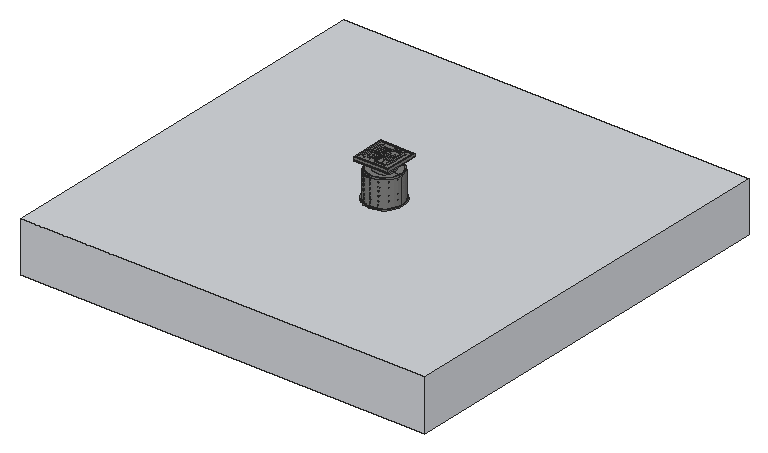
Revit family
Parameters (values of type "3"")
  URL = "WWW.MIFAB.COM"
  Top Assembly Adjustment = 3.06798"
  Roof Drain Material = Roof Drain
  Nominal Radius = Nominal Diameter / 2  # 1.500"
  Nominal Diameter = 3.000"
  Model = "R1100-PJ"
  Manufacturer = "MIFAB"
  Description = "PROMENADE DECK DRAIN WITH S.S. BALLAST GUARD"
  Default Elevation = 48.000"
  Body Height = 3.375"
Types (6): name | Nominal Radius | Nominal Diameter | Body Height
  (no name) | 1.500" | 3.000" | 3.375"
  2" | 1.000" | 2.000" | 3.375"
  3" | 1.500" | 3.000" | 3.375"
  4" | 2.000" | 4.000" | 3.375"
  5" | 2.500" | 5.000" | 3.375"
  6" | 3.000" | 6.000" | 4.475"
Reference planes (in)
  plane 1 "Center (Front/Back)": y = 0
  plane 2: z = 0
  plane 3 "Center (Left/Right)": x = 0
  plane 4: x = -1.5
  plane 5: x = 1.5
  plane 6: z = -3.375
  plane 7: z = 6.2
  plane 8: z = 8.45698
  plane 9: z = 8.56224
  plane 10: y = 4
  plane 11: y = -4
  plane 12: x = -4
  plane 13: x = 4
  plane 14: y = 3.726
  plane 15: y = -3.726
  plane 16: x = -3.726
  plane 17: x = 3.726
  plane 18: z = 9.26798
  plane 19: z = 8.68898
  plane 20: z = 7.37277
Forms (in)
  Extrusion 1, solid
    sketch origin (0, 0, 0) x (1, 0, 0) y (0, 1, 0)
      loop
        line (-48, 48) -> (-48, -48) -> (48, -48) -> (48, 48) -> (-48, 48)
    from 0 to -12
  Revolve 2, solid, material "Roof Drain" <- "Roof Drain Material"
    sketch origin (0, 0, 0) x (1, 0, 0) y (0, 0, 1)
      loop
        line (-3.16809, -0.26316) -> (-3.16809, -1.33143) -> (-1.68947, -2.33632) -> (-1.68947, -3.375) -> (-1.5, -3.375) -> (-1.5, -2.19054) -> (-3.03125, -1.17169) -> (-3.03125, -0.26316) -> (-2.34737, -0.26316) -> (-2.23158, -0.14737) -> (-2.23158, -0.11579) -> (-2.34737, 0) -> (-4.21053, 0) -> (-4.21053, -0.26316) -> (-3.16809, -0.26316)
      axis (0, 0) -> (0, -3.375)
    angle from 0 to 360
  Revolve 3, solid, material "Roof Drain" <- "Roof Drain Material"
    sketch origin (0, 0, 0) x (1, 0, 0) y (0, 0, 1)
      loop
        line (-4.48684, 0.22105) -> (-4.48684, 0) -> (-3.06579, 0) -> (-3.06579, 0.43158) -> (-3.27632, 0.43158) -> (-3.27632, 0.22105) -> (-3.75, 0.22105) -> (-3.75, 0.50526) -> (-3.96053, 0.50526) -> (-3.96053, 0.22105) -> (-4.48684, 0.22105)
      axis (0, 0.50526) -> (0, 0)
    angle from 0 to 360
  Revolve 4, solid, material "Roof Drain" <- "Roof Drain Material"
    sketch origin (0, 0, 0) x (1, 0, 0) y (0, 0, 1)
      loop
        line (-4, 0.22105) -> (-4, 6.2) -> (-4.125, 6.2) -> (-4.125, 0.22105) -> (-4, 0.22105)
      axis (0, 6.2) -> (0, 0.22105)
    angle from 0 to 360
  Revolve 5, solid, material "Roof Drain" <- "Roof Drain Material"
    sketch origin (0, 0, 0) x (1, 0, 0) y (0, 0, 1)
      loop
        line (-3.96053, 6.52895) -> (-3.96053, 6.2) -> (-2.17895, 6.2) -> (-2.17895, 7.48812) -> (-3.18947, 8.45698) -> (-3.47821, 8.45698) -> (-2.34737, 7.37277) -> (-2.34737, 6.45) -> (-3.77105, 6.45) -> (-3.77105, 6.52895) -> (-3.96053, 6.52895)
      axis (0, 8.45698) -> (0, 6.2)
    angle from 0 to 360
  Extrusion 6, solid, material "Roof Drain" <- "Roof Drain Material"
    sketch origin (0, 0, 0) x (1, 0, 0) y (0, 1, 0)
      loop
        line (-4, 4) -> (-4, -4) -> (4, -4) -> (4, 4) -> (-4, 4)
      loop
        circle (0, 0) r 3.18947
    from 8.45698 to 8.56224
  Extrusion 7, solid, material "Roof Drain" <- "Roof Drain Material"
    sketch origin (0, 0, 0) x (1, 0, 0) y (0, 1, 0)
      loop
        line (-3.726, 3.726) -> (-3.726, -3.726) -> (3.726, -3.726) -> (3.726, 3.726) -> (-3.726, 3.726)
      loop
        line (-4, 4) -> (-4, -4) -> (4, -4) -> (4, 4) -> (-4, 4)
    from 8.45698 to 9.26798
  Extrusion 8, solid, material "Roof Drain" <- "Roof Drain Material"
    sketch origin (0, 0, 0) x (1, 0, 0) y (0, 1, 0)
      loop
        line (-3.726, 3.726) -> (-3.726, -3.726) -> (3.726, -3.726) -> (3.726, 3.726) -> (-3.726, 3.726)
      loop
        line (3.189, 3.189) -> (-3.189, 3.189) -> (-3.189, -3.189) -> (3.189, -3.189) -> (3.189, 3.189)
    from 8.56224 to 8.68898
  Extrusion 9, void
    sketch origin (0, 0, 0) x (-0.222521, 0.974928, 0) y (0, 0, 1)
      loop
        circle (0, 5.87669) r 0.21654
      loop
        circle (0, 4.87669) r 0.21654
      loop
        circle (0, 3.87669) r 0.21654
      loop
        circle (0, 2.87669) r 0.21654
      loop
        circle (0, 1.87669) r 0.21654
      loop
        circle (0, 0.87669) r 0.21654
    from -4.44157 to 4.48663
  Extrusion 10, void
    sketch origin (0, 0, 0) x (-0.62349, 0.781831, 0) y (0, 0, 1)
      loop
        circle (0, 5.87669) r 0.21654
      loop
        circle (0, 4.87669) r 0.21654
      loop
        circle (0, 3.87669) r 0.21654
      loop
        circle (0, 2.87669) r 0.21654
      loop
        circle (0, 1.87669) r 0.21654
      loop
        circle (0, 0.87669) r 0.21654
    from -4.44157 to 4.48663
  Extrusion 11, void
    sketch origin (0, 0, 0) x (-0.900969, 0.433884, 0) y (0, 0, 1)
      loop
        circle (0, 5.87669) r 0.21654
      loop
        circle (0, 4.87669) r 0.21654
      loop
        circle (0, 3.87669) r 0.21654
      loop
        circle (0, 2.87669) r 0.21654
      loop
        circle (0, 1.87669) r 0.21654
      loop
        circle (0, 0.87669) r 0.21654
    from -4.44157 to 4.48663
  Extrusion 12, void
    sketch origin (0, 0, 0) x (-1, 0, 0) y (0, 0, 1)
      loop
        circle (0, 5.87669) r 0.21654
      loop
        circle (0, 4.87669) r 0.21654
      loop
        circle (0, 3.87669) r 0.21654
      loop
        circle (0, 2.87669) r 0.21654
      loop
        circle (0, 1.87669) r 0.21654
      loop
        circle (0, 0.87669) r 0.21654
    from -4.44157 to 4.48663
  Extrusion 13, void
    sketch origin (0, 0, 0) x (-0.900969, -0.433884, 0) y (0, 0, 1)
      loop
        circle (0, 5.87669) r 0.21654
      loop
        circle (0, 4.87669) r 0.21654
      loop
        circle (0, 3.87669) r 0.21654
      loop
        circle (0, 2.87669) r 0.21654
      loop
        circle (0, 1.87669) r 0.21654
      loop
        circle (0, 0.87669) r 0.21654
    from -4.44157 to 4.48663
  Extrusion 14, void
    sketch origin (0, 0, 0) x (-0.62349, -0.781831, 0) y (0, 0, 1)
      loop
        circle (0, 5.87669) r 0.21654
      loop
        circle (0, 4.87669) r 0.21654
      loop
        circle (0, 3.87669) r 0.21654
      loop
        circle (0, 2.87669) r 0.21654
      loop
        circle (0, 1.87669) r 0.21654
      loop
        circle (0, 0.87669) r 0.21654
    from -4.44157 to 4.48663
  Extrusion 15, void
    sketch origin (0, 0, 0) x (-0.222521, -0.974928, 0) y (0, 0, 1)
      loop
        circle (0, 5.87669) r 0.21654
      loop
        circle (0, 4.87669) r 0.21654
      loop
        circle (0, 3.87669) r 0.21654
      loop
        circle (0, 2.87669) r 0.21654
      loop
        circle (0, 1.87669) r 0.21654
      loop
        circle (0, 0.87669) r 0.21654
    from -4.44157 to 4.48663
Cuts and joins
  Extrusion 9, Extrusion 10, Extrusion 11, Extrusion 12, Extrusion 13, Extrusion 14, Extrusion 15 cuts Revolve 4
Lines and regions (in)
  symbolic lines
    curve 1: line (-4, 4, 0) -> (4, 4, 0)
    curve 2: line (-4, 4, 0) -> (-4, -4, 0)
    curve 3: line (-4, -4, 0) -> (4, -4, 0)
    curve 4: line (4, 4, 0) -> (4, -4, 0)
    curve 5: arc (-4.48684, 0, 0) -> (-4.36343, 1.04508, 0) -> (-4, 2.03267, 0) r 4.48684
    curve 6: arc (-4, -2.03267, 0) -> (-4.36343, -1.04508, 0) -> (-4.48684, 0, 0) r 4.48684
    curve 7: arc (4.48684, 0, 0) -> (4.36343, 1.04508, 0) -> (4, 2.03267, 0) r 4.48684
    curve 8: arc (4, -2.03267, 0) -> (4.36343, -1.04508, 0) -> (4.48684, 0, 0) r 4.48684
    curve 9: arc (2.53267, -4, 0) -> (0, -4.73439, 0) -> (-2.53267, -4, 0) r 4.73439
    curve 10: arc (2.53267, 4, 0) -> (0, 4.73439, 0) -> (-2.53267, 4, 0) r 4.73439
Dimensions and locks (in)
  equal spacing: plane 4, plane 3 "Center (Left/Right)", plane 5
  "Nominal Diameter": plane 4 to plane 5
  "Body Height": plane 2 to plane 6
  locked: plane 4 to Revolve 2 sketch curve at 0.18947
  plane 3 "Center (Left/Right)" to Revolve 2 sketch curve to Revolve 2 sketch curve to Revolve 2 sketch curve to Revolve 2 sketch curve = 2.23158" locked, 0.79967" locked, 0.13684" locked, 1.04243" locked
  plane 3 "Center (Left/Right)" to Revolve 2 sketch curve to Revolve 2 sketch curve = 2.34737" locked, 0.000" locked
  plane 7 to plane 2 = 6.200"
  Revolve 3 sketch curve to Revolve 3 sketch curve to Revolve 3 sketch curve to level = 0.07368" locked, 0.21053" locked, 0.22105" locked
  plane 3 "Center (Left/Right)" to Revolve 4 sketch curve = 4.000"
  locked: Revolve 4 sketch curve to level at 0.22105
  plane 3 "Center (Left/Right)" to Revolve 4 sketch curve to Revolve 4 sketch curve = 4.000" locked, 0.125" locked
  plane 3 "Center (Left/Right)" to Revolve 3 sketch curve to Revolve 3 sketch curve to Revolve 3 sketch curve to Revolve 3 sketch curve to Revolve 3 sketch curve = 3.06579" locked, 0.21053" locked, 0.47368" locked, 0.21053" locked, 0.52632" locked
  plane 3 "Center (Left/Right)" to Revolve 5 sketch curve to Revolve 5 sketch curve = 2.17895" locked, 0.16842" locked
  plane 3 "Center (Left/Right)" to Revolve 5 sketch curve to Revolve 5 sketch curve to Revolve 5 sketch curve to Revolve 5 sketch curve = 3.18947" locked, 0.28874" locked, 0.29284" locked, 0.18947" locked
  plane 10 to plane 1 "Center (Front/Back)" to plane 11 = 4.000" locked, 4.000" locked
  locked: plane 12 to plane 3 "Center (Left/Right)" at 4
  locked: plane 3 "Center (Left/Right)" to plane 13 at 4
  locked: plane 10 to plane 14 at 0.274
  locked: plane 11 to plane 15 at 0.274
  locked: plane 12 to plane 16 at 0.274
  locked: plane 17 to plane 13 at 0.274
  locked: Extrusion 8 sketch curve to plane 17 at 0.537
  locked: plane 16 to Extrusion 8 sketch curve at 0.537
  locked: plane 14 to Extrusion 8 sketch curve at 0.537
  locked: Extrusion 8 sketch curve to plane 15 at 0.537
  level to Revolve 2 sketch curve to Revolve 2 sketch curve to Revolve 2 sketch curve = 0.26316" locked, 0.90853" locked, 0.15974" locked
  locked: curve 9 to plane 11 at 0.73439
  locked: curve 10 to plane 10 at 0.73439
  "Top Assembly Adjustment": plane 18 to plane 7
  plane 18 to plane 19 to plane 9 to plane 8 to plane 20 = 0.579" locked, 0.12674" locked, 0.10526" locked, 1.08421" locked
  aligned and locked: plane 2 to Extrusion 1
  aligned: level to Extrusion 1
  aligned and locked: Revolve 2 sketch curve to plane 6
  aligned and locked: Revolve 2 sketch curve to plane 3 "Center (Left/Right)"
  aligned and locked: Revolve 3 sketch curve to plane 2
  aligned and locked: Revolve 3 sketch curve to plane 3 "Center (Left/Right)"
  aligned and locked: Revolve 3 sketch curve to Revolve 3 sketch curve
  aligned and locked: Revolve 4 sketch curve to plane 7
  aligned and locked: Revolve 4 sketch curve to plane 3 "Center (Left/Right)"
  aligned and locked: Revolve 5 sketch curve to plane 3 "Center (Left/Right)"
  aligned and locked: Extrusion 6 sketch curve to Revolve 5  (x2)
  aligned and locked: Extrusion 6 to Revolve 5
  aligned and locked: plane 9 to Extrusion 6
  aligned and locked: Extrusion 7 sketch curve to plane 14
  aligned and locked: Extrusion 7 sketch curve to plane 16
  aligned and locked: Extrusion 7 sketch curve to plane 10
  aligned and locked: Extrusion 7 sketch curve to plane 12
  aligned and locked: plane 11 to Extrusion 7 sketch curve
  aligned and locked: Extrusion 7 sketch curve to plane 15
  aligned and locked: Extrusion 7 sketch curve to plane 17
  aligned and locked: plane 13 to Extrusion 7 sketch curve
  aligned and locked: Extrusion 7 to plane 8
  aligned and locked: plane 18 to Extrusion 7
  aligned and locked: Extrusion 8 sketch curve to plane 14
  aligned and locked: Extrusion 8 sketch curve to plane 16
  aligned and locked: Extrusion 8 sketch curve to plane 15
  aligned and locked: Extrusion 8 sketch curve to plane 17
  aligned and locked: Extrusion 8 to plane 9
  aligned and locked: plane 19 to Extrusion 8
  aligned and locked: curve 1 to plane 10
  aligned and locked: curve 2 to plane 12
  aligned and locked: plane 11 to curve 3
  aligned and locked: plane 13 to curve 4
  aligned and locked: nested 1 to plane 19
  aligned and locked: curve 5 to Revolve 3
  aligned and locked: plane 20 to Revolve 5 sketch curve
  aligned and locked: Extrusion 6 to plane 8
Automatic sketch dimensions
  Extrusion 1 sketch curve to Extrusion 1 sketch curve = 96.000"  (x2)
  Revolve 2 sketch curve to plane 4 = 0.000"
  Revolve 2 sketch curve to plane 6 = 1.18446"
  Revolve 2 sketch curve to Revolve 2 sketch curve = 0.000"
  Revolve 2 sketch curve to Revolve 2 sketch curve = 0.14578"
  Revolve 2 sketch curve to level = 0.14737"
  Revolve 2 sketch curve to Revolve 2 sketch curve = 0.03158"
  Revolve 2 sketch curve to level = 0.000"
  plane 6 to Revolve 2 sketch curve = 21.10526"
  level to Revolve 2 sketch curve = 102.71882"
  Extrusion 8 sketch curve to Extrusion 8 sketch curve = 0.537"
  plane 15 to Extrusion 8 sketch curve = 0.537"
  Extrusion 8 sketch curve to plane 14 = 0.537"
  curve 5 to curve 6 = 0.000"
  curve 5 to curve 7 = 0.000"  (x2)
  curve 5 to curve 8 = 0.000"
  curve 5 to curve 9 = 0.000"  (x2)
  curve 5 to curve 10 = 0.000"  (x2)
  curve 8 to plane 13 = 0.48684"
  plane 6 to Revolve 3 sketch curve = 21.10526"
  plane 18 to Revolve 3 sketch curve = 93.45085"
  plane 6 to Revolve 4 sketch curve = 21.10526"
  plane 18 to Revolve 4 sketch curve = 93.45085"
  Revolve 5 sketch curve to plane 7 = 0.000"
  plane 6 to Revolve 5 sketch curve = 21.10526"
  Revolve 5 sketch curve to Revolve 5 sketch curve = 0.11536"
  plane 18 to Revolve 5 sketch curve = 93.45085"
  Extrusion 6 sketch curve to plane 10 = 0.000"
  Extrusion 6 sketch curve to plane 12 = 0.000"
  Extrusion 6 sketch curve to plane 13 = 0.000"
  plane 11 to Extrusion 6 sketch curve = 0.000"
  Extrusion 9 sketch curve to Extrusion 9 sketch curve = 1.000"  (x5)
  Extrusion 9 sketch curve to Extrusion 9 sketch curve = 0.000"  (x5)
  Extrusion 10 sketch curve to Extrusion 10 sketch curve = 1.000"  (x5)
  Extrusion 10 sketch curve to Extrusion 10 sketch curve = 0.000"  (x5)
  Extrusion 11 sketch curve to Extrusion 11 sketch curve = 1.000"  (x5)
  Extrusion 11 sketch curve to Extrusion 11 sketch curve = 0.000"  (x5)
  Extrusion 12 sketch curve to Extrusion 12 sketch curve = 1.000"  (x5)
  Extrusion 12 sketch curve to Extrusion 12 sketch curve = 0.000"  (x5)
  Extrusion 13 sketch curve to Extrusion 13 sketch curve = 1.000"  (x5)
  Extrusion 13 sketch curve to Extrusion 13 sketch curve = 0.000"  (x5)
  Extrusion 14 sketch curve to Extrusion 14 sketch curve = 1.000"  (x5)
  Extrusion 14 sketch curve to Extrusion 14 sketch curve = 0.000"  (x5)
  Extrusion 15 sketch curve to Extrusion 15 sketch curve = 1.000"  (x5)
  Extrusion 15 sketch curve to Extrusion 15 sketch curve = 0.000"  (x5)
  Revolve 5 sketch curve to plane 8 = 0.000"
  plane 7 to Revolve 5 sketch curve = 0.250"
  Revolve 5 sketch curve to Revolve 5 sketch curve = 0.07895"
  radius of Extrusion 9 sketch curve = 0.21654"  (x6)
  radius of Extrusion 10 sketch curve = 0.21654"  (x6)
  radius of Extrusion 11 sketch curve = 0.21654"  (x6)
  radius of Extrusion 12 sketch curve = 0.21654"  (x6)
  radius of Extrusion 13 sketch curve = 0.21654"  (x6)
  radius of Extrusion 14 sketch curve = 0.21654"  (x6)
  radius of Extrusion 15 sketch curve = 0.21654"  (x6)
Nested families (in)
  nested 1: "Family1" at (0, 0, 8.68898), type "Family1"
    with Thick 0.579"
Connectors (in)
  piping at (0, 0, -3.375), driven by "Nominal Radius"
    settings: on Revolve 2, index 1, connector radius 1 1/2", flow factor 0, pipe flow 0 GPM, pressure drop 0.00 psi, fitting loss kfactor 0, connector angle 0.00°, fixture units 0, flow configuration 0, flow direction 2, fitting loss method 0, system type 16, connector reference index -1, connector utility 0, adjustable connector no, is connector primary yes, fitting loss table "", connector description ""
Definition of nested family "Family1"
  Parameters (values of type "Family1")
    Thick = 2.77719"
    Material = none
  Reference planes (in)
    plane 1 "Center (Front/Back)": y = 0
    plane 2: z = 0
    plane 3 "Center (Left/Right)": x = 0
  Forms (in)
    Extrusion 1, solid, material <- "Material"
      sketch origin (0, 0, 0) x (1, 0, 0) y (0, 1, 0)
        loop
          line (-3.726, 3.726) -> (-3.726, -3.726) -> (3.726, -3.726) -> (3.726, 3.726) -> (-3.726, 3.726)
        loop
          line (-3.0625, -0.15625) -> (-3.0625, -2.52938) -> (-2.75, -2.52938) -> (-2.75, -0.15625) -> (-3.0625, -0.15625)
        loop
          line (-2.4375, -0.15625) -> (-2.4375, -1.90438) -> (-2.125, -1.90438) -> (-2.125, -0.15625) -> (-2.4375, -0.15625)
        loop
          line (-1.8125, -0.15625) -> (-1.8125, -1.27938) -> (-1.5, -1.27938) -> (-1.5, -0.15625) -> (-1.8125, -0.15625)
        loop
          line (-1.1875, -0.65438) -> (-0.875, -0.65438) -> (-0.875, 0.65438) -> (-1.1875, 0.65438) -> (-1.1875, -0.65438)
        loop
          line (-0.15625, -3.0625) -> (-0.15625, -2.75) -> (-2.52938, -2.75) -> (-2.52938, -3.0625) -> (-0.15625, -3.0625)
        loop
          line (-0.15625, -2.4375) -> (-0.15625, -2.125) -> (-1.90438, -2.125) -> (-1.90438, -2.4375) -> (-0.15625, -2.4375)
        loop
          line (-0.15625, -1.8125) -> (-0.15625, -1.5) -> (-1.27938, -1.5) -> (-1.27938, -1.8125) -> (-0.15625, -1.8125)
        loop
          line (0.65438, -1.1875) -> (0.65438, -0.875) -> (-0.65438, -0.875) -> (-0.65438, -1.1875) -> (0.65438, -1.1875)
        loop
          line (3.0625, -0.15625) -> (2.75, -0.15625) -> (2.75, -2.52938) -> (3.0625, -2.52938) -> (3.0625, -0.15625)
        loop
          line (2.4375, -0.15625) -> (2.125, -0.15625) -> (2.125, -1.90438) -> (2.4375, -1.90438) -> (2.4375, -0.15625)
        loop
          line (1.8125, -0.15625) -> (1.5, -0.15625) -> (1.5, -1.27938) -> (1.8125, -1.27938) -> (1.8125, -0.15625)
        loop
          line (1.1875, 0.65438) -> (0.875, 0.65438) -> (0.875, -0.65438) -> (1.1875, -0.65438) -> (1.1875, 0.65438)
        loop
          line (0.15625, -3.0625) -> (2.52938, -3.0625) -> (2.52938, -2.75) -> (0.15625, -2.75) -> (0.15625, -3.0625)
        loop
          line (0.15625, -2.4375) -> (1.90438, -2.4375) -> (1.90438, -2.125) -> (0.15625, -2.125) -> (0.15625, -2.4375)
        loop
          line (0.15625, -1.8125) -> (1.27938, -1.8125) -> (1.27938, -1.5) -> (0.15625, -1.5) -> (0.15625, -1.8125)
        loop
          line (-3.0625, 0.15625) -> (-2.75, 0.15625) -> (-2.75, 2.52938) -> (-3.0625, 2.52938) -> (-3.0625, 0.15625)
        loop
          line (-2.4375, 0.15625) -> (-2.125, 0.15625) -> (-2.125, 1.90438) -> (-2.4375, 1.90438) -> (-2.4375, 0.15625)
        loop
          line (-1.8125, 0.15625) -> (-1.5, 0.15625) -> (-1.5, 1.27938) -> (-1.8125, 1.27938) -> (-1.8125, 0.15625)
        loop
          line (-0.15625, 3.0625) -> (-2.52938, 3.0625) -> (-2.52938, 2.75) -> (-0.15625, 2.75) -> (-0.15625, 3.0625)
        loop
          line (-0.15625, 2.4375) -> (-1.90438, 2.4375) -> (-1.90438, 2.125) -> (-0.15625, 2.125) -> (-0.15625, 2.4375)
        loop
          line (-0.15625, 1.8125) -> (-1.27938, 1.8125) -> (-1.27938, 1.5) -> (-0.15625, 1.5) -> (-0.15625, 1.8125)
        loop
          line (0.65438, 1.1875) -> (-0.65438, 1.1875) -> (-0.65438, 0.875) -> (0.65438, 0.875) -> (0.65438, 1.1875)
        loop
          line (3.0625, 0.15625) -> (3.0625, 2.52938) -> (2.75, 2.52938) -> (2.75, 0.15625) -> (3.0625, 0.15625)
        loop
          line (2.4375, 0.15625) -> (2.4375, 1.90438) -> (2.125, 1.90438) -> (2.125, 0.15625) -> (2.4375, 0.15625)
        loop
          line (1.8125, 0.15625) -> (1.8125, 1.27938) -> (1.5, 1.27938) -> (1.5, 0.15625) -> (1.8125, 0.15625)
        loop
          line (0.15625, 3.0625) -> (0.15625, 2.75) -> (2.52938, 2.75) -> (2.52938, 3.0625) -> (0.15625, 3.0625)
        loop
          line (0.15625, 2.4375) -> (0.15625, 2.125) -> (1.90438, 2.125) -> (1.90438, 2.4375) -> (0.15625, 2.4375)
        loop
          line (0.15625, 1.8125) -> (0.15625, 1.5) -> (1.27938, 1.5) -> (1.27938, 1.8125) -> (0.15625, 1.8125)
        loop
          line (0.5625, 0.65438) -> (0.25, 0.65438) -> (0.25, 0.5625) -> (-0.25, 0.5625) -> (-0.25, 0.65438) -> (-0.5625, 0.65438) -> (-0.5625, 0.5625) -> (-0.65438, 0.5625) -> (-0.65438, 0.25) -> (-0.5625, 0.25) -> (-0.5625, -0.25) -> (-0.65438, -0.25) -> (-0.65438, -0.5625) -> (-0.5625, -0.5625) -> (-0.5625, -0.65438) -> (-0.25, -0.65438) -> (-0.25, -0.5625) -> (0.25, -0.5625) -> (0.25, -0.65438) -> (0.5625, -0.65438) -> (0.5625, -0.5625) -> (0.65438, -0.5625) -> (0.65438, -0.25) -> (0.5625, -0.25) -> (0.5625, 0.25) -> (0.65438, 0.25) -> (0.65438, 0.5625) -> (0.5625, 0.5625) -> (0.5625, 0.65438)
      from 0 to 2.77719 <- "Thick"
  Lines and regions (in)
    symbolic lines
      curve 1: line (-0.15625, 2.75, 0) -> (-2.52938, 2.75, 0)
      curve 2: line (-2.52938, 2.75, 0) -> (-2.52938, 3.0625, 0)
      curve 3: line (-2.52938, 3.0625, 0) -> (-0.15625, 3.0625, 0)
      curve 4: line (-0.15625, 3.0625, 0) -> (-0.15625, 2.75, 0)
      curve 5: line (-1.90438, 2.4375, 0) -> (-0.15625, 2.4375, 0)
      curve 6: line (-0.15625, 2.4375, 0) -> (-0.15625, 2.125, 0)
      curve 7: line (-0.15625, 2.125, 0) -> (-1.90438, 2.125, 0)
      curve 8: line (-1.90438, 2.125, 0) -> (-1.90438, 2.4375, 0)
      curve 9: line (0.15625, 2.4375, 0) -> (1.90438, 2.4375, 0)
      curve 10: line (1.90438, 2.4375, 0) -> (1.90438, 2.125, 0)
      curve 11: line (1.90438, 2.125, 0) -> (0.15625, 2.125, 0)
      curve 12: line (0.15625, 2.125, 0) -> (0.15625, 2.4375, 0)
      curve 13: line (0.15625, 3.0625, 0) -> (2.52938, 3.0625, 0)
      curve 14: line (2.52938, 3.0625, 0) -> (2.52938, 2.75, 0)
      curve 15: line (2.52938, 2.75, 0) -> (0.15625, 2.75, 0)
      curve 16: line (0.15625, 2.75, 0) -> (0.15625, 3.0625, 0)
      curve 17: line (0.15625, 1.8125, 0) -> (1.27938, 1.8125, 0)
      curve 18: line (1.27938, 1.8125, 0) -> (1.27938, 1.5, 0)
      curve 19: line (1.27938, 1.5, 0) -> (0.15625, 1.5, 0)
      curve 20: line (0.15625, 1.5, 0) -> (0.15625, 1.8125, 0)
      curve 21: line (-1.27938, 1.8125, 0) -> (-0.15625, 1.8125, 0)
      curve 22: line (-0.15625, 1.8125, 0) -> (-0.15625, 1.5, 0)
      curve 23: line (-0.15625, 1.5, 0) -> (-1.27938, 1.5, 0)
      curve 24: line (-1.27938, 1.5, 0) -> (-1.27938, 1.8125, 0)
      curve 25: line (-0.65438, 1.1875, 0) -> (0.65438, 1.1875, 0)
      curve 26: line (0.65438, 1.1875, 0) -> (0.65438, 0.875, 0)
      curve 27: line (0.65438, 0.875, 0) -> (-0.65438, 0.875, 0)
      curve 28: line (-0.65438, 0.875, 0) -> (-0.65438, 1.1875, 0)
      curve 29: line (-0.25, 0.5625, 0) -> (0.25, 0.5625, 0)
      curve 30: line (0.25, 0.5625, 0) -> (0.25, 0.65438, 0)
      curve 31: line (0.25, 0.65438, 0) -> (0.5625, 0.65438, 0)
      curve 32: line (0.5625, 0.65438, 0) -> (0.5625, 0.5625, 0)
      curve 33: line (0.5625, 0.5625, 0) -> (0.65438, 0.5625, 0)
      curve 34: line (0.65438, 0.5625, 0) -> (0.65438, 0.25, 0)
      curve 35: line (0.65438, 0.25, 0) -> (0.5625, 0.25, 0)
      curve 36: line (0.5625, 0.25, 0) -> (0.5625, -0.25, 0)
      curve 37: line (0.5625, -0.25, 0) -> (0.65438, -0.25, 0)
      curve 38: line (0.65438, -0.25, 0) -> (0.65438, -0.5625, 0)
      curve 39: line (0.65438, -0.5625, 0) -> (0.5625, -0.5625, 0)
      curve 40: line (0.5625, -0.5625, 0) -> (0.5625, -0.65438, 0)
      curve 41: line (0.5625, -0.65438, 0) -> (0.25, -0.65438, 0)
      curve 42: line (0.25, -0.65438, 0) -> (0.25, -0.5625, 0)
      curve 43: line (0.25, -0.5625, 0) -> (-0.25, -0.5625, 0)
      curve 44: line (-0.25, -0.5625, 0) -> (-0.25, -0.65438, 0)
      curve 45: line (-0.25, -0.65438, 0) -> (-0.5625, -0.65438, 0)
      curve 46: line (-0.5625, -0.65438, 0) -> (-0.5625, -0.5625, 0)
      curve 47: line (-0.5625, -0.5625, 0) -> (-0.65438, -0.5625, 0)
      curve 48: line (-0.65438, -0.5625, 0) -> (-0.65438, -0.25, 0)
      curve 49: line (-0.65438, -0.25, 0) -> (-0.5625, -0.25, 0)
      curve 50: line (-0.5625, -0.25, 0) -> (-0.5625, 0.25, 0)
      curve 51: line (-0.5625, 0.25, 0) -> (-0.65438, 0.25, 0)
      curve 52: line (-0.65438, 0.25, 0) -> (-0.65438, 0.5625, 0)
      curve 53: line (-0.65438, 0.5625, 0) -> (-0.5625, 0.5625, 0)
      curve 54: line (-0.5625, 0.5625, 0) -> (-0.5625, 0.65438, 0)
      curve 55: line (-0.5625, 0.65438, 0) -> (-0.25, 0.65438, 0)
      curve 56: line (-0.25, 0.65438, 0) -> (-0.25, 0.5625, 0)
      curve 57: line (-0.15625, -2.75, 0) -> (-2.52938, -2.75, 0)
      curve 58: line (-2.52938, -2.75, 0) -> (-2.52938, -3.0625, 0)
      curve 59: line (-2.52938, -3.0625, 0) -> (-0.15625, -3.0625, 0)
      curve 60: line (-0.15625, -3.0625, 0) -> (-0.15625, -2.75, 0)
      curve 61: line (-1.90438, -2.4375, 0) -> (-0.15625, -2.4375, 0)
      curve 62: line (-0.15625, -2.4375, 0) -> (-0.15625, -2.125, 0)
      curve 63: line (-0.15625, -2.125, 0) -> (-1.90438, -2.125, 0)
      curve 64: line (-1.90438, -2.125, 0) -> (-1.90438, -2.4375, 0)
      curve 65: line (0.15625, -2.4375, 0) -> (1.90438, -2.4375, 0)
      curve 66: line (1.90438, -2.4375, 0) -> (1.90438, -2.125, 0)
      curve 67: line (1.90438, -2.125, 0) -> (0.15625, -2.125, 0)
      curve 68: line (0.15625, -2.125, 0) -> (0.15625, -2.4375, 0)
      curve 69: line (0.15625, -3.0625, 0) -> (2.52938, -3.0625, 0)
      curve 70: line (2.52938, -3.0625, 0) -> (2.52938, -2.75, 0)
      curve 71: line (2.52938, -2.75, 0) -> (0.15625, -2.75, 0)
      curve 72: line (0.15625, -2.75, 0) -> (0.15625, -3.0625, 0)
      curve 73: line (0.15625, -1.8125, 0) -> (1.27938, -1.8125, 0)
      curve 74: line (1.27938, -1.8125, 0) -> (1.27938, -1.5, 0)
      curve 75: line (1.27938, -1.5, 0) -> (0.15625, -1.5, 0)
      curve 76: line (0.15625, -1.5, 0) -> (0.15625, -1.8125, 0)
      curve 77: line (-1.27938, -1.8125, 0) -> (-0.15625, -1.8125, 0)
      curve 78: line (-0.15625, -1.8125, 0) -> (-0.15625, -1.5, 0)
      curve 79: line (-0.15625, -1.5, 0) -> (-1.27938, -1.5, 0)
      curve 80: line (-1.27938, -1.5, 0) -> (-1.27938, -1.8125, 0)
      curve 81: line (-0.65438, -1.1875, 0) -> (0.65438, -1.1875, 0)
      curve 82: line (0.65438, -1.1875, 0) -> (0.65438, -0.875, 0)
      curve 83: line (0.65438, -0.875, 0) -> (-0.65438, -0.875, 0)
      curve 84: line (-0.65438, -0.875, 0) -> (-0.65438, -1.1875, 0)
      curve 85: line (-2.75, -0.15625, 0) -> (-2.75, -2.52938, 0)
      curve 86: line (-2.75, -2.52938, 0) -> (-3.0625, -2.52938, 0)
      curve 87: line (-3.0625, -2.52938, 0) -> (-3.0625, -0.15625, 0)
      curve 88: line (-3.0625, -0.15625, 0) -> (-2.75, -0.15625, 0)
      curve 89: line (-2.4375, -1.90438, 0) -> (-2.4375, -0.15625, 0)
      curve 90: line (-2.4375, -0.15625, 0) -> (-2.125, -0.15625, 0)
      curve 91: line (-2.125, -0.15625, 0) -> (-2.125, -1.90438, 0)
      curve 92: line (-2.125, -1.90438, 0) -> (-2.4375, -1.90438, 0)
      curve 93: line (-2.4375, 0.15625, 0) -> (-2.4375, 1.90438, 0)
      curve 94: line (-2.4375, 1.90438, 0) -> (-2.125, 1.90438, 0)
      curve 95: line (-2.125, 1.90438, 0) -> (-2.125, 0.15625, 0)
      curve 96: line (-2.125, 0.15625, 0) -> (-2.4375, 0.15625, 0)
      curve 97: line (-3.0625, 0.15625, 0) -> (-3.0625, 2.52938, 0)
      curve 98: line (-3.0625, 2.52938, 0) -> (-2.75, 2.52938, 0)
      curve 99: line (-2.75, 2.52938, 0) -> (-2.75, 0.15625, 0)
      curve 100: line (-2.75, 0.15625, 0) -> (-3.0625, 0.15625, 0)
      curve 101: line (-1.8125, 0.15625, 0) -> (-1.8125, 1.27938, 0)
      curve 102: line (-1.8125, 1.27938, 0) -> (-1.5, 1.27938, 0)
      curve 103: line (-1.5, 1.27938, 0) -> (-1.5, 0.15625, 0)
      curve 104: line (-1.5, 0.15625, 0) -> (-1.8125, 0.15625, 0)
      curve 105: line (-1.8125, -1.27938, 0) -> (-1.8125, -0.15625, 0)
      curve 106: line (-1.8125, -0.15625, 0) -> (-1.5, -0.15625, 0)
      curve 107: line (-1.5, -0.15625, 0) -> (-1.5, -1.27938, 0)
      curve 108: line (-1.5, -1.27938, 0) -> (-1.8125, -1.27938, 0)
      curve 109: line (-1.1875, -0.65438, 0) -> (-1.1875, 0.65438, 0)
      curve 110: line (-1.1875, 0.65438, 0) -> (-0.875, 0.65438, 0)
      curve 111: line (-0.875, 0.65438, 0) -> (-0.875, -0.65438, 0)
      curve 112: line (-0.875, -0.65438, 0) -> (-1.1875, -0.65438, 0)
      curve 113: line (2.75, -0.15625, 0) -> (2.75, -2.52938, 0)
      curve 114: line (2.75, -2.52938, 0) -> (3.0625, -2.52938, 0)
      curve 115: line (3.0625, -2.52938, 0) -> (3.0625, -0.15625, 0)
      curve 116: line (3.0625, -0.15625, 0) -> (2.75, -0.15625, 0)
      curve 117: line (2.4375, -1.90438, 0) -> (2.4375, -0.15625, 0)
      curve 118: line (2.4375, -0.15625, 0) -> (2.125, -0.15625, 0)
      curve 119: line (2.125, -0.15625, 0) -> (2.125, -1.90438, 0)
      curve 120: line (2.125, -1.90438, 0) -> (2.4375, -1.90438, 0)
      curve 121: line (2.4375, 0.15625, 0) -> (2.4375, 1.90438, 0)
      curve 122: line (2.4375, 1.90438, 0) -> (2.125, 1.90438, 0)
      curve 123: line (2.125, 1.90438, 0) -> (2.125, 0.15625, 0)
      curve 124: line (2.125, 0.15625, 0) -> (2.4375, 0.15625, 0)
      curve 125: line (3.0625, 0.15625, 0) -> (3.0625, 2.52938, 0)
      curve 126: line (3.0625, 2.52938, 0) -> (2.75, 2.52938, 0)
      curve 127: line (2.75, 2.52938, 0) -> (2.75, 0.15625, 0)
      curve 128: line (2.75, 0.15625, 0) -> (3.0625, 0.15625, 0)
      curve 129: line (1.8125, 0.15625, 0) -> (1.8125, 1.27938, 0)
      curve 130: line (1.8125, 1.27938, 0) -> (1.5, 1.27938, 0)
      curve 131: line (1.5, 1.27938, 0) -> (1.5, 0.15625, 0)
      curve 132: line (1.5, 0.15625, 0) -> (1.8125, 0.15625, 0)
      curve 133: line (1.8125, -1.27938, 0) -> (1.8125, -0.15625, 0)
      curve 134: line (1.8125, -0.15625, 0) -> (1.5, -0.15625, 0)
      curve 135: line (1.5, -0.15625, 0) -> (1.5, -1.27938, 0)
      curve 136: line (1.5, -1.27938, 0) -> (1.8125, -1.27938, 0)
      curve 137: line (1.1875, -0.65438, 0) -> (1.1875, 0.65438, 0)
      curve 138: line (1.1875, 0.65438, 0) -> (0.875, 0.65438, 0)
      curve 139: line (0.875, 0.65438, 0) -> (0.875, -0.65438, 0)
      curve 140: line (0.875, -0.65438, 0) -> (1.1875, -0.65438, 0)
  Dimensions and locks (in)
    aligned and locked: plane 2 to level
    aligned and locked: curve 1 to Extrusion 1
    aligned and locked: curve 2 to Extrusion 1
    aligned and locked: curve 3 to Extrusion 1
    aligned and locked: curve 4 to Extrusion 1
    aligned and locked: curve 5 to Extrusion 1
    aligned and locked: curve 6 to Extrusion 1
    aligned and locked: curve 7 to Extrusion 1
    aligned and locked: curve 8 to Extrusion 1
    aligned and locked: curve 9 to Extrusion 1
    aligned and locked: curve 10 to Extrusion 1
    aligned and locked: curve 11 to Extrusion 1
    aligned and locked: curve 12 to Extrusion 1
    aligned and locked: curve 13 to Extrusion 1
    aligned and locked: curve 14 to Extrusion 1
    aligned and locked: curve 15 to Extrusion 1
    aligned and locked: curve 16 to Extrusion 1
    aligned and locked: curve 17 to Extrusion 1
    aligned and locked: curve 18 to Extrusion 1
    aligned and locked: curve 19 to Extrusion 1
    aligned and locked: curve 20 to Extrusion 1
    aligned and locked: curve 21 to Extrusion 1
    aligned and locked: curve 22 to Extrusion 1
    aligned and locked: curve 23 to Extrusion 1
    aligned and locked: curve 24 to Extrusion 1
    aligned and locked: curve 25 to Extrusion 1
    aligned and locked: curve 26 to Extrusion 1
    aligned and locked: curve 27 to Extrusion 1
    aligned and locked: curve 28 to Extrusion 1
    aligned and locked: curve 29 to Extrusion 1
    aligned and locked: curve 30 to Extrusion 1
    aligned and locked: curve 31 to Extrusion 1
    aligned and locked: curve 32 to Extrusion 1
    aligned and locked: curve 33 to Extrusion 1
    aligned and locked: curve 34 to Extrusion 1
    aligned and locked: curve 35 to Extrusion 1
    aligned and locked: curve 36 to Extrusion 1
    aligned and locked: curve 37 to Extrusion 1
    aligned and locked: curve 38 to Extrusion 1
    aligned and locked: curve 39 to Extrusion 1
    aligned and locked: curve 40 to Extrusion 1
    aligned and locked: curve 41 to Extrusion 1
    aligned and locked: curve 42 to Extrusion 1
    aligned and locked: curve 43 to Extrusion 1
    aligned and locked: curve 44 to Extrusion 1
    aligned and locked: curve 45 to Extrusion 1
    aligned and locked: curve 46 to Extrusion 1
    aligned and locked: curve 47 to Extrusion 1
    aligned and locked: curve 48 to Extrusion 1
    aligned and locked: curve 49 to Extrusion 1
    aligned and locked: curve 50 to Extrusion 1
    aligned and locked: curve 51 to Extrusion 1
    aligned and locked: curve 52 to Extrusion 1
    aligned and locked: curve 53 to Extrusion 1
    aligned and locked: curve 54 to Extrusion 1
    aligned and locked: curve 55 to Extrusion 1
    aligned and locked: curve 56 to Extrusion 1
